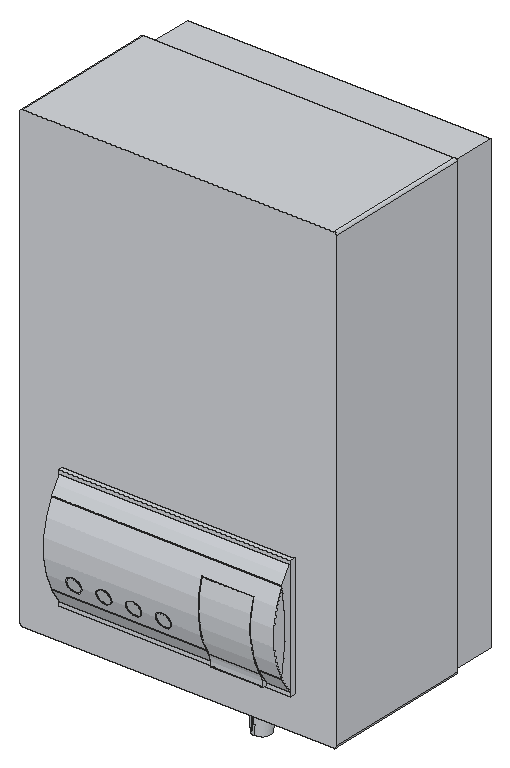
Revit family "RFAHP105", category Generic Models, Revit 2013
Parameters (values of type "Hydroboil Plus HP105")
  Wireless (WIFI) = "N/A"
  Weekly Maintenance (or SFG20 Codes) = ""
  Warranty ID = ""
  Tap Clearance = "200mm"
  Tap Finish = "Red Lever in Display Panel"
  Shipping Weight = "9.5kg"
  Responsible Sourcing of Materials = ""
  Responsible Extraction of Materials = ""
  Quarterly Maintenance (or SFG20 Codes) = "In some hard water areas where mineral scale accumulation in the boilingchamber of the Zip Econoboil may become a problem, consideration should be given to the maintenance required.\r\nchamber of the Zip Econoboil may become a problem, consideration should be\r\ngiven to the maintenance required. \r\nnecessary."
  Overall Length/Depth = "198mm"
  WRAS Approved = "Yes"
  Power Supply (Voltage) = "230v(50~60Hz)"
  URL = "www.zipindustries.co.uk"
  Type Comments = "Boiling Water Heater (Potable)"
  Supply Phase = "Single, A standard 13 amp double pole fused spur"
  Shape = "Rectangle"
  O&M Manual (Manufacturer O&M Data) = ""
  Monthly Maintenance (or SFG20 Codes) = ""
  Max. Stored Water Temperature = "98°C"
  Material Ingredient Reporting = ""
  Maintenance Required 8001-12000hrs (Maintenance required in this time frame) = ""
  Maintenance Required 601-1000hrs (Maintenance tasks required in this time frame) = ""
  Maintenance Required 40001-8000hrs (Maintenance tasks required in this time frame) = ""
  Maintenance Required 301-600hrs (Maintenance Tasks required in this time frame) = ""
  Maintenance Required 2001-4000hrs (Maintenance tasks required in this time frame) = ""
  Maintenance Required 1001-2000hrs (Maintenance tasks required in this time frame) = ""
  Maintenance Required 0-300hrs (Maintenance Tasks required in this time frame) = ""
  Location of Manufacturer = ""
  Life Cycle Analysis = ""
  Heat Up Time = "16 minutes at 15°C  and 17 minutes 10°C"
  Programmable Safety Features = "Integral safety lock"
  Programmable Function Parameters = "The Hydroboil Plus has 2 modes of operation: 1).Normal operation mode  2). Configuration mode\t\t\t\t\t\t\t\t\t\r\nThe Hydroboil Plus has 2 modes of operation: 1).Normal operation mode  2). Configuration mode"
  Product Range = "Wall Mounted"
  Overall Width = "318mm"
  Overall Height = "465mm"
  Type = "On The Wall Water Boiler"
  Net Weight = "9.5kg"
  Internal Filter (if fitted) = "N/A"
  Gross Weight = "16.5kg (When full)"
  Green Guide for Specification = ""
  Model = "HP105"
  Standby Power Loss (idle mode) = ""
  Nominal Flow Rate (Boiling) = ""
  Volume Dispensed per hour = "16.7litres"
  Expected Life = ""
  Environmental Product Declaration = ""
  Energy Technology List = ""
  Embodied Carbon = ""
  Daily Maintenance (or SFG20 Codes) = ""
  Cable Length and size (If Fitted) = "Not fitted"
  Single Instance Draw off Volume = "3.0 litres"
  Recovery Volume per Minute = ""
  Mains Water Connection = "1/2 inch / 12.7mm compression fitting"
  Manufacturer = "Zip Industries(UK) Ltd"
  Keynote = ""
  Mains Water Pressure _ Minimum = "0.07 MPa (0.7 bar)"
  Mains Water Pressure _ Maximum = "0.7 MPa (7 bar)."
  Mains Pressure Limiting Valve = "If pressure is likely to exceed 0.7 MPa (7 bar), a pressure limiting valve must be fitted\r\nbe installed in the cold water supply line. Zip recommends a valve rated at 3.5 bar\r\n(0.35 MPa) for this application (Zip part No. AQ3)."
  Enclosure Rating = "IP23"
  Button Interface = "Liquid crystal display panel, button controls"
  Bespoke Timeframe Maintenance (or SFG20 Codes) = ""
  Base Unit Finish = "Stainless Steel."
  Backflow Prevention Valve = "N/A"
  Tank Construction Material = "Stainless Steel"
  Insulation Material = "High temperature thermal insulation (High density EP)"
  Power Rating = "2.4kW"
  Capacity = "5.0 Litres"
  Features = ""
  External Material = "Stainless Steel case"
  Description = ""
  Control Thermostat Range = "68°C  -- 100°C"
  BMS Links = ""
  Assembly Code = ""
  Unit Access Clearance right = "20mm"
  Unit Access Clearance Top = "150mm"
  Unit Access Clearance Rear = ""
  Unit Access Clearance Left = "65mm"
  Unit Access Clearance Front = ""
  Unit Access Clearance Bottom = "200mm"
  Annually Maintenance (or SFG20 Codes) = ""
  6 Monthly Maintenance (or SFG20 Codes) = ""
Reference planes
  plane 1 "Center (Front/Back)": y = 0
  plane 2: z = 0
  plane 3 "Center (Left/Right)": x = 0
Dimensions and locks
  aligned and locked: level to plane 2
Nested families
  nested 1: "RFAHP005" at (519.679, 2601.941, 0), type "RFAHP005"
Connectors
  piping at (424.929, 2474.441, 223.684)
    settings: on nested 1, index 1, connector radius 6.4 mm, flow factor 0, pipe flow 0.0 L/s, pressure drop 0.0 Pa, fitting loss kfactor 0, connector angle 0.00°, fixture units 0, engagement length 0 mm, flow configuration 0, flow direction 2, fitting loss method 0, system type 17, joint type 0, gender type 0, connector reference index -1, connector utility 0, adjustable connector no, is connector primary yes, fitting loss table "", connector description ""
  piping at (382.929, 2474.441, 223.682)
    settings: on nested 1, index 2, connector radius 6.4 mm, flow factor 0, pipe flow 0.0 L/s, pressure drop 0.0 Pa, fitting loss kfactor 0, connector angle 0.00°, fixture units 0, engagement length 0 mm, flow configuration 0, flow direction 1, fitting loss method 0, system type 20, joint type 0, gender type 0, connector reference index -1, connector utility 0, adjustable connector no, is connector primary no, fitting loss table "", connector description ""
Definition of nested family "RFAHP005"
  Parameters (values of type "RFAHP005")
    Wireless (WIFI) = ""
    Weekly Maintenance (or SFG20 Codes) = ""
    Warranty ID = ""
    Tap Clearance = ""
    Shipping Weight = ""
    Responsible Sourcing of Materials = ""
    Responsible Extraction of Materials = ""
    Quarterly Maintenance (or SFG20 Codes) = ""
    Overall Length/Depth = ""
    WRAS Approved = ""
    Power Supply (Voltage) = ""
    URL = "www.zipindustries.co.uk"
    Type Comments = "Boiling Water Heater (Potable)"
    Supply Phase = ""
    Starting Current = ""
    Shape = ""
    O&M Manual (Manufacturer O&M Data) = ""
    Monthly Maintenance (or SFG20 Codes) = ""
    Max. Stored Water Temperature = ""
    Material Ingredient Reporting = ""
    Maintenance Required 8001-12000hrs (Maintenance required in this time frame) = ""
    Maintenance Required 601-1000hrs (Maintenance tasks required in this time frame) = ""
    Maintenance Required 40001-8000hrs (Maintenance tasks required in this time frame) = ""
    Maintenance Required 301-600hrs (Maintenance Tasks required in this time frame) = ""
    Maintenance Required 2001-4000hrs (Maintenance tasks required in this time frame) = ""
    Maintenance Required 1001-2000hrs (Maintenance tasks required in this time frame) = ""
    Maintenance Required 0-300hrs (Maintenance Tasks required in this time frame) = ""
    Location of Manufacturer = ""
    Life Cycle Analysis = ""
    Heat Up Time = ""
    Programmable Safety Features = ""
    Programmable Function Parameters = ""
    Product Range = ""
    Overall Width = ""
    Overall Height = ""
    Type/Usage = ""
    Net Weight = ""
    Internal Filter (if fitted) = ""
    Gross Weight = ""
    Green Guide for Specification = ""
    Finish/Colour (Tap Outlet) = ""
    Finish/Colour (Base Unit) = ""
    Model = ""
    Standby Power Loss (idle mode) = ""
    Nominal Flow Rate (Boiling) = ""
    Volume Dispensed per hour = ""
    Expected Life = ""
    Environmental Product Declaration = ""
    Energy Technology List = ""
    Embodied Carbon = ""
    Daily Maintenance (or SFG20 Codes) = ""
    Cable Length and size (If Fitted) = ""
    Single Instance Draw off Volume = ""
    Recovery Volume per Minute = ""
    Mains Water Connection = ""
    Manufacturer = "Zip Industries(UK) Ltd"
    Keynote = ""
    Mains Water Pressure (Minimum) = ""
    Mains Water Pressure (Maximum) = ""
    Mains Pressure Limiting Valve = ""
    Touch Screen Control Panel = ""
    Enclosure Rating = ""
    Button Interface = ""
    Bespoke Timeframe Maintenance (or SFG20 Codes) = ""
    Backflow Prevention Valve = ""
    Tank Construction Material = ""
    Tank Thickness = ""
    Insulation Material = ""
    Recommended Installation Height (Wall mounted Units) = ""
    Power Rating = ""
    Frequency = ""
    Capacity = ""
    Features = ""
    External Material = ""
    Electrical safety tested and certified to BS standard = ""
    EMC Tested and certified to BS standard = ""
    Description = ""
    Control Thermostat Range = ""
    CE Approval = ""
    BMS Links = ""
    Assembly Code = ""
    Unit Access Clearance right = ""
    Unit Access Clearance Top = ""
    Unit Access Clearance Rear = ""
    Unit Access Clearance Left = ""
    Unit Access Clearance Front = ""
    Unit Access Clearance Bottom = ""
    Annually Maintenance (or SFG20 Codes) = ""
    7 day Electronic Programming = ""
    6 Monthly Maintenance (or SFG20 Codes) = ""
  Reference planes
    plane 1 "Center (Front/Back)": y = 0
    plane 2: z = 0
    plane 3 "Center (Left/Right)": x = 0
    plane 4 "a": z = -352.526
    plane 5 "SPOUT": y = 110
    plane 6 "BOX LEFT": x = -117.5
    plane 7 "LEFT": x = -235.005
    plane 8 "RIGHT": x = 74.4
    plane 9 "AA": z = -327.5
    plane 10 "aa": x = 65.65
    plane 11 "D": z = 174.749
  Forms (mm)
    Extrusion 1, solid
      sketch origin (-16.25, -7.721, 374.175) x (0, 1, 0) y (0, 0, 1)
        loop
          line (-283.8, -46.926) -> (-288.5, -46.926) -> (-288.5, -169.426) -> (-283.8, -169.426) -> (-283.8, -46.926)
      from 116.5 to -116.5
    Extrusion 2, solid
      sketch origin (45.15, -7.721, 374.175) x (0, 0, 1) y (0, -1, 0)
        loop
          arc (-50.676, 288.5) -> (-58.01, 293.787) -> (-65.901, 298.199) r 78.904
          arc (-65.901, 298.199) -> (-108.34, 293.646) -> (-150.778, 298.199) r 200.051
          arc (-150.778, 298.199) -> (-158.429, 293.66) -> (-165.676, 288.5) r 106.937
          line (-165.676, 288.5) -> (-50.676, 288.5)
        loop
          arc (-66.604, 298.537) -> (-108.21, 309.097) -> (-149.816, 298.537) r 87.241
          arc (-149.816, 298.537) -> (-108.21, 293.937) -> (-66.604, 298.537) r 190.465
      from 54.1 to -176.9
    Extrusion 3, void
      sketch origin (23.75, -7.721, 374.175) x (0, 0, 1) y (0, -1, 0)
        loop
          line (-80.676, 288.662) -> (-80.676, 304.992)
          arc (-80.676, 304.992) -> (-124.721, 308.689) -> (-165.468, 291.562) r 92.656
          line (-165.468, 291.562) -> (-165.468, 288.662) -> (-80.676, 288.662)
      from 0 to 52.5
    Revolve 4, void
      sketch origin (-13.776, -7.721, 374.097) x (0, 0, 1) y (0, 1, 0)
        loop
          line (-124.317, -303.117) -> (-125.227, -302.786) -> (-127.128, -308.01) -> (-126.219, -308.342) -> (-124.317, -303.117)
        axis (-131.916, -300.351) -> (-133.818, -305.576)
      angle from 0 to 360
    Revolve 5, void
      sketch origin (-43.801, -7.721, 374.019) x (0, 0, 1) y (0, -1, 0)
        loop
          line (-124.317, 303.117) -> (-126.219, 308.342) -> (-127.128, 308.01) -> (-125.227, 302.786) -> (-124.317, 303.117)
        axis (-131.916, 300.351) -> (-133.818, 305.576)
      angle from 0 to 360
    Revolve 6, void
      sketch origin (-73.747, -7.721, 374.019) x (0, 0, 1) y (0, 1, 0)
        loop
          line (-124.317, -303.117) -> (-125.227, -302.786) -> (-127.128, -308.01) -> (-126.219, -308.342) -> (-124.317, -303.117)
        axis (-131.916, -300.351) -> (-133.818, -305.576)
      angle from 0 to 360
    Revolve 7, void
      sketch origin (-103.801, -7.721, 374.019) x (0, 0, 1) y (0, -1, 0)
        loop
          line (-124.317, 303.117) -> (-126.219, 308.342) -> (-127.128, 308.01) -> (-125.227, 302.786) -> (-124.317, 303.117)
        axis (-131.916, 300.351) -> (-133.818, 305.576)
      angle from 0 to 360
    Extrusion 8, solid
      sketch origin (0, -116.3, 390.887) x (0, 0, 1) y (-1, 0, 0)
        loop
          arc (244.25, 172.25) -> (243.371, 174.371) -> (241.25, 175.25) r 3
          line (241.25, 175.25) -> (-217.751, 175.25)
          arc (-217.751, 175.25) -> (-219.871, 174.371) -> (-220.75, 172.251) r 2.999
          line (-220.75, 172.251) -> (-220.75, -139.777)
          arc (-220.75, -139.777) -> (-219.879, -141.879) -> (-217.777, -142.75) r 2.973
          line (-217.777, -142.75) -> (241.353, -142.75)
          arc (241.353, -142.75) -> (243.402, -141.902) -> (244.25, -139.853) r 2.897
          line (244.25, -139.853) -> (244.25, 172.25)
      from 175.221 to 24.2
    Extrusion 9, solid
      sketch origin (49.75, 0, 390.887) x (0, 0, 1) y (0, -1, 0)
        loop
          line (-223.75, 240.5) -> (-220.75, 240.5) -> (-220.75, 285.5) -> (-223.75, 285.5) -> (-223.75, 240.5)
      from 21 to -21
    Revolve 10, solid
      sketch origin (49.75, 0, 390.887) x (0, 0, 1) y (0, -1, 0)
        loop
          line (-246.75, 276.946) -> (-220.75, 276.946) -> (-220.75, 282.892) -> (-223.75, 282.892)
          arc (-223.75, 282.892) -> (-224.408, 280.686) -> (-226.501, 279.727) r 2.788
          line (-226.501, 279.727) -> (-246.75, 277.956) -> (-246.75, 276.946)
        axis (-246.75, 269.126) -> (-220.75, 269.126)
      angle from 0 to 360
    Extrusion 11, solid
      sketch origin (0, -116.3, 390.887) x (0, 0, 1) y (-1, 0, 0)
        loop
          line (240.25, -138.75) -> (240.25, 165.239) -> (-217.75, 165.239) -> (-217.75, -138.75) -> (240.25, -138.75)
      from 24.2 to -22.8
    Extrusion 12, void
      sketch origin (0, -95, 390.887) x (0, 0, 1) y (-1, 0, 0)
        loop
          line (-144.75, 68.25) -> (-144.75, 163.25) -> (-216.138, 163.25) -> (-216.138, 68.25) -> (-144.75, 68.25)
      from 45.5 to 0
    Extrusion 13, void
      sketch origin (0, -193.759, 390.887) x (1, 0, 0) y (0, 0, 1)
        loop
          line (-68.25, -144.75) -> (-163.25, -144.75) -> (-163.25, -217.75) -> (-68.25, -217.75) -> (-68.25, -144.75)
      from -23.583 to -53.259
    Extrusion 14, void
      sketch origin (0, -95, 390.887) x (0, 0, 1) y (-1, 0, 0)
        loop
          line (-145.55, 70.77) -> (-145.55, 160.77) -> (-213.75, 160.77) -> (-213.75, 70.77) -> (-145.55, 70.77)
      from 0 to -3.708
    Revolve 15, solid
      sketch origin (0, -127.5, 390.932) x (0, 0, 1) y (-1, 0, 0)
        loop
          line (-167.25, 147.1) -> (-167.25, 144.146) -> (-144.75, 144.146) -> (-144.75, 147.1) -> (-167.25, 147.1)
        axis (-167.25, 136.75) -> (-144.75, 136.75)
      angle from 0 to 360
    Revolve 16, solid
      sketch origin (0, -127.5, 390.932) x (0, 0, 1) y (-1, 0, 0)
        loop
          line (-167.248, 105.088) -> (-167.248, 102.205) -> (-144.75, 102.205) -> (-144.75, 105.088) -> (-167.248, 105.088)
        axis (-167.248, 94.75) -> (-144.75, 94.75)
      angle from 0 to 360
    Extrusion 17, solid
      sketch origin (0, 0, 377.837) x (1, 0, 0) y (0, 1, 0)
        loop
          line (-149.6, -120.081) -> (-149.6, -134.919) -> (-136.75, -142.338) -> (-123.9, -134.919) -> (-123.9, -120.081) -> (-136.75, -112.662) -> (-149.6, -120.081)
        loop
          line (-107.6, -134.919) -> (-94.75, -142.338) -> (-81.9, -134.919) -> (-81.9, -120.081) -> (-94.75, -112.662) -> (-107.6, -120.081) -> (-107.6, -134.919)
      from -132.345 to -141.344
    Extrusion 18, solid
      sketch origin (0, 0, 98.75) x (0, -1, 0) y (1, 0, 0)
        loop
          line (95.909, -113.122) -> (98.929, -123.608) -> (109.52, -126.236) -> (117.091, -118.378) -> (114.071, -107.892) -> (103.48, -105.264) -> (95.909, -113.122)
      from 74.766 to 67.057
    Extrusion 19, solid
      sketch origin (0, 0, 100) x (0, -1, 0) y (1, 0, 0)
        loop
          line (95.909, -113.122) -> (98.929, -123.608) -> (109.52, -126.236) -> (113.917, -121.672) -> (109.631, -106.79) -> (103.48, -105.264) -> (95.909, -113.122)
      from 85.2 to 75.2
    Revolve 20, solid
      sketch origin (0, -106.5, 388.7) x (0, 0, -1) y (-1, 0, 0)
        loop
          line (225.806, 108.85) -> (225.806, 111.875) -> (206.463, 111.875) -> (206.463, 108.85) -> (225.806, 108.85)
        axis (225.806, 115.658) -> (206.463, 115.658)
      angle from 0 to 360
    Revolve 21, solid
      sketch origin (0, -106.5, 385.063) x (0, 0, -1) y (-1, 0, 0)
        loop
          line (199.937, 118.974) -> (199.937, 123.261)
          arc (199.937, 123.261) -> (196.906, 122.005) -> (195.651, 118.974) r 4.287
          line (195.651, 118.974) -> (199.937, 118.974)
        axis (199.937, 115.658) -> (195.651, 115.658)
      angle from 0 to 360
    Extrusion 22, void
      sketch origin (0, -95, 390.887) x (0, 0, 1) y (-1, 0, 0)
        loop
          arc (216.85, -84.7) -> (218.8, -82.75) -> (216.85, -80.8) r 1.95
          line (216.85, -80.8) -> (213.416, -80.8)
          arc (213.416, -80.8) -> (206.682, -82.75) -> (213.416, -84.7) r 3.649
          line (213.416, -84.7) -> (216.85, -84.7)
      from 8.5 to -1.5
    Extrusion 23, void
      sketch origin (-32.5, -95, 390.887) x (0, 0, 1) y (-1, 0, 0)
        loop
          line (216.85, 84.7) -> (213.416, 84.7)
          arc (213.416, 84.7) -> (206.682, 82.75) -> (213.416, 80.8) r 3.649
          line (213.416, 80.8) -> (216.85, 80.8)
          arc (216.85, 80.8) -> (218.8, 82.75) -> (216.85, 84.7) r 1.95
      from 8.5 to -1.5
    Extrusion 24, solid
      sketch origin (0, -95, 390.887) x (0, 0, 1) y (-1, 0, 0)
        loop
          line (213.538, -84.7) -> (216.85, -84.7)
          arc (216.85, -84.7) -> (218.8, -82.75) -> (216.85, -80.8) r 1.95
          line (216.85, -80.8) -> (213.416, -80.8)
          arc (213.416, -80.8) -> (206.662, -82.963) -> (213.538, -84.7) r 3.688
        loop
          circle (212.177, -82.779) r 12.665
      from 0 to -2.99
    Extrusion 25, solid
      sketch origin (-32.5, -95, 390.887) x (0, 0, 1) y (-1, 0, 0)
        loop
          arc (213.538, 84.7) -> (206.662, 82.963) -> (213.416, 80.8) r 3.688
          line (213.416, 80.8) -> (216.85, 80.8)
          arc (216.85, 80.8) -> (218.8, 82.75) -> (216.85, 84.7) r 1.95
          line (216.85, 84.7) -> (213.538, 84.7)
        loop
          circle (212.177, 82.779) r 12.665
      from 0 to -2.99
    Extrusion 26, solid
      sketch origin (74.4, 0, 0) x (0, 0, -1) y (0, -1, 0)
        loop
          line (-293.248, 312.442) -> (-293.248, 296.618) -> (-207.057, 296.618)
          arc (-207.057, 296.618) -> (-206.357, 296.907) -> (-206.068, 297.606) r 0.989
          line (-206.068, 297.606) -> (-206.068, 299.706)
          arc (-206.068, 299.706) -> (-206.368, 300.414) -> (-207.085, 300.692) r 0.986
          arc (-207.085, 300.692) -> (-213.732, 301.438) -> (-219.9, 304.025) r 23.52
          arc (-219.9, 304.025) -> (-255.665, 316.157) -> (-293.248, 312.442) r 89.421
      from -1.353 to 50.382
    Extrusion 27, void
      sketch origin (0, 0, 174.749) x (-1, 0, 0) y (0, -1, 0)
        loop
          line (163.25, 115.654) -> (163.25, 148.421)
          arc (163.25, 148.421) -> (160.321, 155.492) -> (153.25, 158.421) r 10
          line (153.25, 158.421) -> (78.25, 158.421)
          arc (78.25, 158.421) -> (71.179, 155.492) -> (68.25, 148.421) r 10
          line (68.25, 148.421) -> (68.25, 115.654) -> (163.25, 115.654)
      from -7.612 to 2.388
  Cuts and joins
    Extrusion 3, Revolve 4, Revolve 5, Revolve 6, Revolve 7 cuts Extrusion 2
    Extrusion 12, Extrusion 13, Extrusion 27 cuts Extrusion 8
    Extrusion 12, Extrusion 14, Extrusion 27 cuts Extrusion 11
  Dimensions and locks
    aligned and locked: level to plane 2
